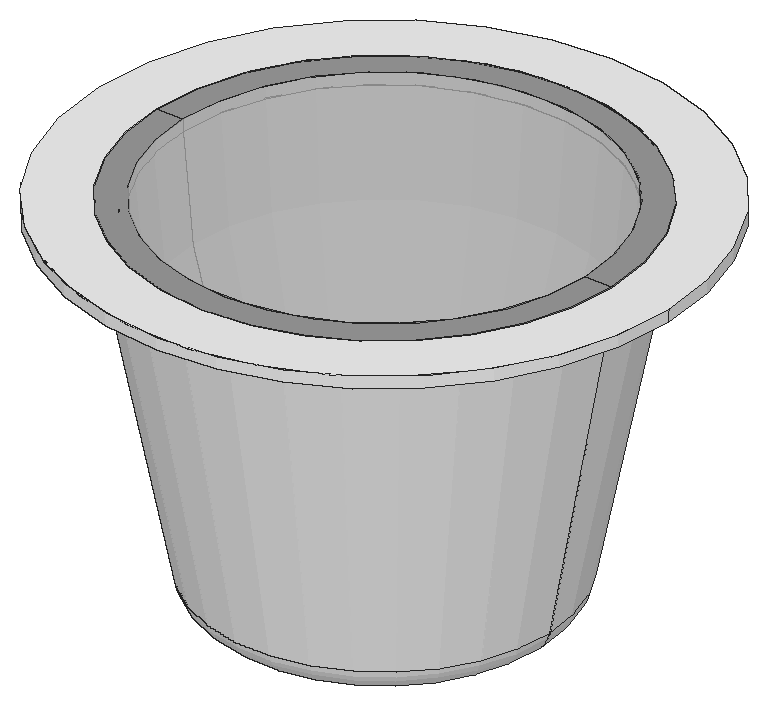
Revit family "2060515 Sylvania Lighting Fixture ASCENT100 II ARCH 900 4K STD 120", category Lighting Fixtures, host Face, Revit 2016
Family settings
  Host = Face
  Part Type = Normal
  Round Connector Dimension = Use Diameter
  OmniClass Number = 23.80.70.11.17
  OmniClass Title = Specialized Lighting by Location or Use
  Cut with Voids When Loaded = No
  Light Source = Yes
  Shared = No
  Room Calculation Point = No
Parameters (values of type "2060515 ASCT100 II ARCH 900 4K STD 120")
  Weight = "0.715 kg"
  WarrantyStartDate [instance] = "n/a"
  WarrantyGuarantorParts = "n/a"
  WarrantyDurationUnit = "n/a"
  WarrantyDurationParts = "n/a"
  WarrantyDescription = "n/a"
  Voltage = 0 V
  TypeName = "ASCENT100 II ARCH 900 4K STD 120"
  SerialNumber [instance] = "n/a"
  ReflectorRadius_SYL = Radius_SYL - 15.0 mm  # 60.0 mm
  PowerFactor = 0
  PowerConsumption = "8 W"
  NominalWidth = 0.0 mm
  NominalLength = 0.0 mm
  NominalHeight = 94.0 mm
  Name = "ASCENT100 II ARCH 900 4K STD 120"
  ModelReference = "ASCENT100 II ARCH 900 4K STD 120"
  ModelNumber = "2060515"
  Material_4_SYL = Aluminium_Sylvania_Ascent_Silver
  Radius_SYL = 75.0 mm
  Wattage = 8 W
  built-in parameter 1150110 = 1 (stored number, unit not read)
  URL = "http://www.sylvania-lighting.com"
  built-in parameter 1114217 = 1 (stored number, unit not read)
  Tilt Angle = -90°
  built-in parameter 1150109 = 1 (stored number, unit not read)
  built-in parameter 1150134 = 12
  built-in parameter 1150113 = 1 (stored number, unit not read)
  Photometric Web File = "2060515.ies"
  Material = "aluminium housing, acrylic diffuser"
  ManufacturerName = "Feilo Sylvania"
  LuminousEfficacy = "116 lm/W"
  LuminaireType = ""
  LightOutputRatio = "100"
  LampsType = Lamp  # "LED"
  LampNominalLuminous = "931 lm"
  LampMacAdamStep = "n/a"
  LampColourTemperature = "4000 K"
  LampColourRenderingIndex = "80"
  Keynote = "16500"
  InstallationDate [instance] = "n/a"
  InputVoltage = "n/a"
  InputNominalFrequency = "n/a"
  IngressProtection = "IP40"
  ImpactProtectionIndex = "IK02"
  IfcExportType = "IfcLightFixtureType"
  IfcExportAs = "IfcLightFixtureType"
  Height_SYL = 94.0 mm
  ExpectedLife = 50000
  Emit from Circle Diameter = 2 * DiffuserRadius_SYL  # 106.0 mm
  Emit Shape Visible in Rendering = no
  ElectricShockClassification = "Class II"
  DurationUnit = "hours"
  DocumentationLiterature = "http://www.sylvania-lighting.com/product/en-int/products/2060515"
  DimmingControlOptions = "n/a"
  DiffuserRadius_SYL = ReflectorRadius_SYL - 7.0 mm  # 53.0 mm
  Material_3_SYL = Polycarbonate_Sylvania_Ascent_Clear
  Diameter_SYL = 2 * Radius_SYL  # 150.0 mm
  CutoutDiameter_SYL = Diameter_SYL - 13.0 mm  # 137.0 mm
  CreatedOn = "9/17/2018"
  CreatedBy = "@sylvania-lighting.com"
  built-in parameter 1114216 [instance] = 1 (stored number, unit not read)
  Model = "ASCENT100 II ARCH 900 4K STD 120"
  Manufacturer = "Feilo Sylvania"
  built-in parameter 1150105 = 73.848 (stored number, unit not read)
  Lumens = 928 lm
  built-in parameter 1150115 = 1 (stored number, unit not read)
  built-in parameter 1150137 = (empty or 0)
  built-in parameter 1150139 = (empty or 0)
  built-in parameter 1150112 = 1 (stored number, unit not read)
  built-in parameter 1150114 = 1 (stored number, unit not read)
  Lamp = "LED"
  built-in parameter 1150132 = 2
  built-in parameter 1150102 = (empty or 0)
  built-in parameter 1150107 = 4000 (stored number, unit not read)
  built-in parameter 1150138 = (empty or 0)
  built-in parameter 1150106 = 0.73848 (stored number, unit not read)
  Material_1_SYL = Aluminum_Sylvania_Ascent_White
  built-in parameter 1150104 = 10.777 (stored number, unit not read)
  Dimming Lamp Color Temperature Shift = <None>
  Description = "Direct LED retro fit for original LED 100 Arch (120) single CFL lamp offering Matching lumen levels and improved light distribution of original LED 100 CFL lamp equivalents Typically half the power consumption compared to CFL Up to 104lm/W 120mm aperture Architectural reflector accepts range of glass accessories from existing LED 100 Arch 120 offering HE, HO and VHO versions equivalent of single 1 x 13W, 1 x 18W, 1 x 26W Additional VVHO versions which offer the performance circa 2 x 26W equivalent"  # constant formula
  Default Elevation = 0.0 mm
  Color Filter = 16777215
  built-in parameter 1140040 [instance] = 1
  BarCode [instance] = "n/a"
  built-in parameter 1114218 = 1 (stored number, unit not read)
  built-in parameter 1150133 = 10 (stored number, unit not read)
  AssetType = "Fixed"
  AssetIdentifier [instance] = "n/a"
  Assembly Code = "D5020200"
  Apparent Load = 8 VA
  Aperture_SYL = 2 * ReflectorRadius_SYL  # 120.0 mm
  Material_2_SYL = Aluminum_Sylvania_Ascent_White
Reference planes
  plane 1 "Center (Front/Back)": y = 0
  plane 2: z = 0
  plane 3 "Center (Left/Right)": x = 0
  plane 4 "Fixture Bottom": z = 3
  plane 5: z = -52.5
  plane 6 "Fixture Top": z = -91
Forms (mm)
  Extrusion 1, solid, material "Aluminum_Sylvania_Ascent_White" <- "Material_2_SYL", detail levels fine
    sketch origin (0, 0, 0) x (1, 0, 0) y (0, 1, 0)
      loop
        circle (0, 0) r 75
      loop
        circle (0, 0) r 60
    from 0 to 3
  Extrusion 2, void
    sketch origin (0, 0, 0) x (1, 0, 0) y (0, 1, 0)
      loop
        circle (0, 0) r 68.5
    from -91 to 3
  Revolve 3, solid, material "Aluminum_Sylvania_Ascent_White" <- "Material_1_SYL", detail levels fine
    sketch origin (0, 0, 0) x (1, 0, 0) y (0, 0, 1)
      loop
        line (0, -91.073) -> (0, -89.023) -> (-35.468, -89.014)
        arc (-35.468, -89.014) -> (-39.352, -87.613) -> (-41.54, -84.139) r 6.307
        line (-41.54, -84.139) -> (-57.991, -2.844) -> (-57.991, 0) -> (-60, 0) -> (-60, -3) -> (-43.5, -84.536)
        arc (-43.5, -84.536) -> (-40.643, -89.203) -> (-35.5, -91.073) r 8.291
        line (-35.5, -91.073) -> (0, -91.073)
      axis (0, 0) -> (0, -91.073)
    angle from 0 to 360
  Revolve 4, solid, material "Aluminium_Sylvania_Ascent_Silver" <- "Material_4_SYL", detail levels fine
    sketch origin (0, 0, 0) x (1, 0, 0) y (0, 0, 1)
      loop
        line (-60, 3) -> (-60, 0) -> (-55, 0)
        arc (-55, 0) -> (-52.349, -26.77) -> (-44.5, -52.5) r 136.5
        line (-44.5, -52.5) -> (-38, -52.5)
        arc (-38, -52.5) -> (-36.857, -61.521) -> (-33.5, -69.971) r 36.166
        line (-33.5, -69.971) -> (0, -69.971) -> (0, -50.5) -> (-43.16, -50.5)
        arc (-43.16, -50.5) -> (-50.517, -25.725) -> (-53, 0) r 134.5
        line (-53, 0) -> (-53, 3) -> (-60, 3)
      axis (0, 3) -> (0, -69.971)
    angle from 0 to 360
  Extrusion 5, solid, material "Polycarbonate_Sylvania_Ascent_Clear" <- "Material_3_SYL", detail levels fine
    sketch origin (0, 0, 0) x (1, 0, 0) y (0, 1, 0)
      loop
        circle (0, 0) r 53
    from 0 to 3
  Revolve 6, solid, material "Aluminum_Sylvania_Ascent_White" <- "Material_2_SYL", detail levels coarse+medium
    sketch origin (0, 0, 0) x (1, 0, 0) y (0, 0, 1)
      loop
        line (0, -91.073) -> (0, 3) -> (-75, 3) -> (-75, 0) -> (-60, 0) -> (-60, -3) -> (-43.5, -84.536)
        arc (-43.5, -84.536) -> (-40.643, -89.203) -> (-35.5, -91.073) r 8.291
        line (-35.5, -91.073) -> (0, -91.073)
      axis (0, 3) -> (0, -91.073)
    angle from 0 to 360
Dimensions and locks
  locked: plane 4 "Fixture Bottom" to plane 2 at 3
  "Height_SYL": plane 4 "Fixture Bottom" to plane 6 "Fixture Top"
  "ReflectorRadius_SYL": plane 3 "Center (Left/Right)" to Revolve 4 sketch curve
  locked: Revolve 4 sketch curve to Revolve 4 sketch curve at 15.5
  locked: Revolve 4 sketch curve to Revolve 4 sketch curve at 5
  locked: Revolve 4 sketch curve to Revolve 4 sketch curve at 7
  locked: Revolve 4 sketch curve to Revolve 4 sketch curve at 22
  locked: Revolve 4 sketch curve to Revolve 4 sketch curve at 26.5
  locked: Revolve 3 sketch curve to Revolve 3 sketch curve at 16.5
  locked: Revolve 3 sketch curve to Revolve 3 sketch curve at 24.5
  "ReflectorRadius_SYL": Revolve 3 sketch curve to plane 3 "Center (Left/Right)"
  locked: Revolve 3 sketch curve to plane 6 "Fixture Top" at 6.464
  locked: plane 2 to Revolve 3 sketch curve at 3
  locked: Revolve 3 sketch curve to Revolve 3 sketch curve at 2
  locked: Revolve 3 sketch curve to Revolve 3 sketch curve at 2.009
  locked: plane 2 to plane 5 at 52.5
  locked: Revolve 6 sketch curve to Revolve 6 sketch curve at 31.5
  locked: Revolve 6 sketch curve to Revolve 6 sketch curve at 39.5
  locked: Revolve 6 sketch curve to Revolve 6 sketch curve at 15
  "Radius_SYL": plane 3 "Center (Left/Right)" to Revolve 6 sketch curve
  "CutoutDiameter_SYL": diameter of Extrusion 2 sketch curve
  "ReflectorRadius_SYL": radius of Extrusion 1 sketch curve
  "DiffuserRadius_SYL": radius of Extrusion 5 sketch curve
  "Radius_SYL": radius of Extrusion 1 sketch curve
  aligned and locked: host face to plane 2
  aligned and locked: host face to level
  aligned and locked: plane 1 "Center (Front/Back)" to imposter light
  aligned and locked: plane 3 "Center (Left/Right)" to imposter light
  aligned and locked: plane 4 "Fixture Bottom" to Extrusion 1
  aligned and locked: Extrusion 1 to plane 2
  aligned and locked: Revolve 3 sketch curve to plane 3 "Center (Left/Right)"
  aligned and locked: Revolve 4 sketch curve to plane 3 "Center (Left/Right)"  (x2)
  aligned and locked: plane 4 "Fixture Bottom" to Revolve 4 sketch curve
  aligned and locked: Revolve 3 sketch curve to imposter light
  aligned and locked: Extrusion 5 to plane 2
  aligned and locked: imposter light to Extrusion 5
  aligned and locked: plane 2 to Revolve 3 sketch curve  (x2)
  aligned and locked: Revolve 6 sketch curve to imposter light
  aligned and locked: Revolve 6 sketch curve to plane 3 "Center (Left/Right)"
  aligned and locked: plane 6 "Fixture Top" to Extrusion 2
  aligned and locked: imposter light to Extrusion 2
  aligned and locked: imposter light to plane 4 "Fixture Bottom"
Automatic sketch dimensions
  plane 1 "Center (Front/Back)" to Extrusion 2 sketch curve = 0.0 mm
  Extrusion 2 sketch curve to plane 3 "Center (Left/Right)" = 0.0 mm
  Extrusion 1 sketch curve to Extrusion 1 sketch curve = 0.0 mm  (x2)
  plane 1 "Center (Front/Back)" to Extrusion 1 sketch curve = 0.0 mm
  Extrusion 1 sketch curve to plane 3 "Center (Left/Right)" = 0.0 mm
  plane 6 "Fixture Top" to Revolve 3 sketch curve = 0.073 mm
  Revolve 3 sketch curve to plane 6 "Fixture Top" = 6.861 mm
  Revolve 3 sketch curve to Revolve 3 sketch curve = 0.003 mm
  Revolve 3 sketch curve to Revolve 3 sketch curve = 0.009 mm  (x2)
  Revolve 3 sketch curve to Revolve 3 sketch curve = 0.023 mm
  Revolve 3 sketch curve to Revolve 3 sketch curve = 0.072 mm
  Revolve 3 sketch curve to Revolve 3 sketch curve = 0.008 mm
  Revolve 3 sketch curve to plane 6 "Fixture Top" = 1.977 mm
  Revolve 3 sketch curve to Revolve 3 sketch curve = 33.496 mm
  Revolve 3 sketch curve to Revolve 3 sketch curve = 0.028 mm
  plane 4 "Fixture Bottom" to Revolve 3 sketch curve = 82.431 mm
  Revolve 4 sketch curve to Revolve 4 sketch curve = 0.0 mm  (x2)
  Revolve 4 sketch curve to plane 5 = 0.0 mm
  Revolve 4 sketch curve to level = 0.0 mm
  plane 5 to Revolve 4 sketch curve = 2.0 mm
  plane 4 "Fixture Bottom" to Revolve 4 sketch curve = 9.642 mm
  plane 1 "Center (Front/Back)" to Extrusion 5 sketch curve = 0.0 mm
  Extrusion 5 sketch curve to plane 3 "Center (Left/Right)" = 0.0 mm
  Revolve 4 sketch curve to level = 69.971 mm
  Revolve 4 sketch curve to Revolve 4 sketch curve = 2.387 mm
  Revolve 6 sketch curve to level = 0.0 mm
  Revolve 6 sketch curve to plane 3 "Center (Left/Right)" = 0.0 mm
  Revolve 6 sketch curve to Revolve 6 sketch curve = 8.104 mm
  Revolve 6 sketch curve to level = 3.0 mm
  Revolve 6 sketch curve to plane 6 "Fixture Top" = 6.464 mm
  plane 6 "Fixture Top" to Revolve 6 sketch curve = 0.073 mm
  Revolve 6 sketch curve to Revolve 6 sketch curve = 33.496 mm
  plane 4 "Fixture Bottom" to Revolve 6 sketch curve = 82.431 mm
  host sketch curve to host sketch curve = 1368.192 mm
  host sketch curve to host sketch curve = 1600.367 mm
Connectors
  electrical at (0, 0, -91.073), driven by "Apparent Load"
    settings: on Revolve 3, index 1, voltage 240 V, apparent load 0 VA, apparent load phase1 8 VA, apparent load phase2 0 VA, apparent load phase3 0 VA, power factor 1, load classification "Lighting", number of poles 1, system type 31, power factor state 1, is connector primary yes, connector utility no, sub classification motor no, connector description ""
